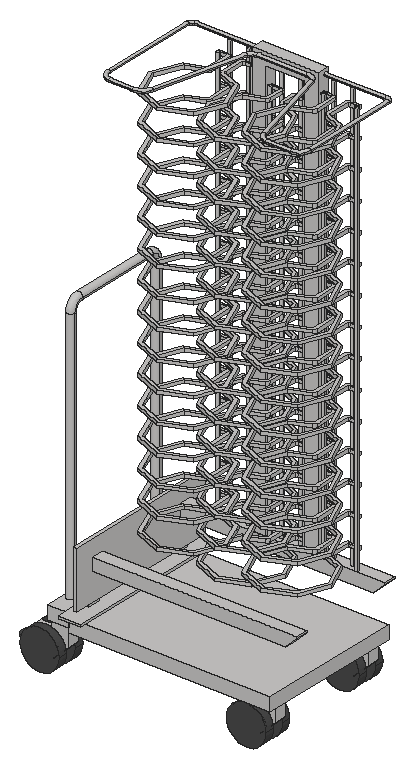
Revit family "QF_ELECTROLUXPROFESSIONAL_922763_TRBA45PL2011C", category Attrezzature speciali, Revit 2020
Family settings
  Quota connettore circolare = Usa diametro
  Tipo di parte = Normale
  Basato su piano di lavoro = No
  Sempre verticale = Sì
  Taglio con vuoti quando caricato = No
  Condiviso = No
  Punto di calcolo locali = No
Parameters (values of type "Standard")
  Weight = 0.00 kg
  Watts = 0 W
  Volts = 0 V
  URL Manufacturer = ""
  URL = ""
  Steam Supply Size = 0 mm
  Steam Supply Minimum Pressure = 0.0 Pa
  Steam Supply Maximum Pressure = 0.0 Pa
  Steam Consumption per Hour = 0
  Show Clearance [instance] = yes
  Refrigeration Suction Line Size = 0 mm
  Refrigeration Liquid Line Size = 0 mm
  Refrigerant Compressor Remote = yes
  Prospetto di default = 0 mm
  Manufacturer = ""
  Phase = 0
  Model = ""
  Length Actual = 507 mm  # constant formula
  Item Number = ""
  Hot Water Size = 0 mm
  Height Actual = 1714 mm  # constant formula
  HP = ""
  Gas Size = 0 mm
  Gas KW = 0
  Gas Input Pressure = 0 W
  Direct Waste Size = 0 mm
  Description = ""
  Depth Actual = 849 mm  # constant formula
  Cycle = 0 Hz
  Condensate Return Size = 0 mm
  Compressed Air Volume = 0.0 L/s
  Compressed Air Size = 0 mm
  Compressed Air Pressure = 0.0 Pa
  Cold Water Size = 0 mm
  Accessory = yes
Reference planes
  plane 1 "Back": y = 0
  plane 2: z = 0
  plane 3 "FRONT": y = -544
  plane 4 "LEFT": x = -126
  plane 5 "RIGHT": x = 743
  plane 6: x = 308.5
  plane 7 "Centro Avanti/Indietro": y = -272
  plane 8: z = 1039
  plane 9: z = 130
  plane 10: z = 303
  plane 11: z = 62.5
  plane 12: y = -38.5
  plane 13: y = -505.5
  plane 14: y = -98.5
  plane 15: y = -445.5
  plane 16: y = -64
  plane 17: y = -480
  plane 18: y = -455.5
  plane 19: y = -88.5
  plane 20: z = 1714
Forms (mm)
  Extrusion 1, solid, material "QF_Finishes_Stainless Steel"
    sketch origin (29.224, 168.988, 0) x (-1, 0, 0) y (0, 0, 1)
      loop
        line (111.112, 108.639) -> (50.962, 108.639) -> (50.962, 145.401) -> (-2.479, 145.401) -> (-2.479, 84.018) -> (42.521, 39.018) -> (111.112, 39.018) -> (111.112, 108.639)
    from -668.238 to -629.997
  Extrusion 2, solid, material "QF_Finishes_Black"
    sketch origin (-0.776, 166.488, 1.25) x (-1, 0, 0) y (0, 0, 1)
      loop
        circle (37.949, 63.776) r 62.5
    from -627.497 to -600.488
  Extrusion 3, solid, material "QF_Finishes_Stainless Steel"
    sketch origin (0, 0, 0) x (1, 0, 0) y (0, 1, 0)
      loop
        line (36.598, -38.5) -> (36.598, -505.5) -> (673.106, -505.5) -> (673.106, -38.5) -> (36.598, -38.5)
    from 130 to 172.815
  Extrusion 4, solid, material "QF_Finishes_Stainless Steel"
    sketch origin (0, 250, 0) x (-1, 0, 0) y (0, 0, 1)
      loop
        line (27.318, 188.74) -> (-36.598, 188.74) -> (-36.598, 145.401) -> (27.318, 145.401) -> (27.318, 188.74)
    from -755.5 to -288.5
  Extrusion 5, solid, material "QF_Finishes_Stainless Steel"
    sketch origin (0, 0, 0) x (1, 0, 0) y (0, 1, 0)
      loop
        line (36.598, 0) -> (36.598, -544) -> (107.934, -544) -> (107.934, 0) -> (36.598, 0)
    from 188.74 to 196.958
  Extrusion 6, solid, material "QF_Finishes_Stainless Steel"
    sketch origin (0, 0, 0) x (0, 1, 0) y (0, 0, 1)
      loop
        line (-18.5, 393.148) -> (-525.5, 393.148) -> (-525.5, 213.148) -> (-18.5, 213.148) -> (-18.5, 393.148)
    from 68.292 to 79
  Extrusion 7, solid, material "QF_Finishes_Stainless Steel"
    sketch origin (0, 250.569, 0) x (-1, 0, 0) y (0, 0, 1)
      loop
        line (-79, 343.896) -> (-725.703, 343.896) -> (-725.703, 338.896) -> (-689.807, 303) -> (-79, 303) -> (-79, 343.896)
    from -368.139 to -330
  Extrusion 8, solid, material "QF_Finishes_Stainless Steel"
    sketch origin (0, -794.569, 0) x (-1, 0, 0) y (0, 0, -1)
      loop
        line (-79, -343.896) -> (-79, -303) -> (-689.807, -303) -> (-725.703, -338.896) -> (-725.703, -343.896) -> (-79, -343.896)
    from -368.139 to -330
  Extrusion 9, solid, material "QF_Finishes_Stainless Steel"
    sketch origin (0, 0.569, 0) x (1, 0, 0) y (0, 1, 0)
      loop
        line (36.598, -79.985) -> (36.598, -118.139) -> (68.292, -118.139) -> (68.292, -79.985) -> (36.598, -79.985)
    from 172.815 to 343.896
  Extrusion 10, solid, material "QF_Finishes_Stainless Steel"
    sketch origin (0, -544.569, 0) x (1, 0, 0) y (0, 1, 0)
      loop
        line (36.598, 79.985) -> (68.292, 79.985) -> (68.292, 118.139) -> (36.598, 118.139) -> (36.598, 79.985)
    from 172.815 to 343.896
  Sweep 11, solid, material "QF_Finishes_Stainless Steel"
    path origin (-7.5, 0, 0) x (0, 1, 0) y (0, 0, 1)
      loop
        line (-103.5, 188.74) -> (-103.5, 996.5)
        arc (-103.5, 996.5) -> (-112.287, 1017.713) -> (-133.5, 1026.5) r 30
        line (-133.5, 1026.5) -> (-410.5, 1026.5)
        arc (-410.5, 1026.5) -> (-431.713, 1017.713) -> (-440.5, 996.5) r 30
        line (-440.5, 996.5) -> (-440.5, 188.74)
    profile origin (-7.5, -440.5, 592.62) x (1, 0, 0) y (0, 1, 0)
      loop
        circle (0, 0) r 12.5
  Extrusion 12, solid, material "QF_Finishes_Black"
    sketch origin (-0.776, -1129.75, 1.25) x (-1, 0, 0) y (0, 0, -1)
      loop
        circle (37.949, -63.776) r 62.5
    from -630.5 to -605.432
  Extrusion 13, solid, material "QF_Finishes_Black"
    sketch origin (-1286.156, -754.376, -35) x (1, 0, 0) y (0, 1, 0)
      loop
        line (1211.509, 293.368) -> (1184.931, 293.368) -> (1184.931, 305.126)
        arc (1184.931, 305.126) -> (1160.117, 272.745) -> (1184.931, 240.364) r 33.534
        line (1184.931, 240.364) -> (1184.931, 255.126) -> (1211.509, 255.126) -> (1211.509, 293.368)
    from 101.353 to 108.639
  Extrusion 14, solid, material "QF_Finishes_Stainless Steel"
    sketch origin (29.224, -712.988, 0) x (-1, 0, 0) y (0, 0, -1)
      loop
        line (111.112, -108.639) -> (111.112, -39.018) -> (42.521, -39.018) -> (-2.479, -84.018) -> (-2.479, -145.401) -> (50.962, -145.401) -> (50.962, -108.639) -> (111.112, -108.639)
    from -668.238 to -629.997
  Extrusion 15, solid, material "QF_Finishes_Black"
    sketch origin (-0.776, -710.488, 1.25) x (-1, 0, 0) y (0, 0, -1)
      loop
        circle (37.949, -63.776) r 62.5
    from -627.497 to -600.488
  Extrusion 16, solid, material "QF_Finishes_Black"
    sketch origin (-0.776, 585.75, 1.25) x (-1, 0, 0) y (0, 0, 1)
      loop
        circle (37.949, 63.776) r 62.5
    from -630.5 to -605.432
  Extrusion 17, solid, material "QF_Finishes_Black"
    sketch origin (-1286.156, 210.376, -35) x (1, 0, 0) y (0, 1, 0)
      loop
        line (1211.509, -293.368) -> (1211.509, -255.126) -> (1184.931, -255.126) -> (1184.931, -240.364)
        arc (1184.931, -240.364) -> (1160.117, -272.745) -> (1184.931, -305.126) r 33.534
        line (1184.931, -305.126) -> (1184.931, -293.368) -> (1211.509, -293.368)
    from 101.353 to 108.639
  Extrusion 18, solid, material "QF_Finishes_Stainless Steel"
    sketch origin (667.246, 560.617, 0) x (-1, 0, 0) y (0, 0, 1)
      loop
        line (115.112, 108.639) -> (54.962, 108.639) -> (54.962, 145.401) -> (1.521, 145.401) -> (1.521, 84.018) -> (46.521, 39.018) -> (115.112, 39.018) -> (115.112, 108.639)
    from -668.238 to -629.997
  Extrusion 19, solid, material "QF_Finishes_Black"
    sketch origin (637.246, 558.117, 1.25) x (-1, 0, 0) y (0, 0, 1)
      loop
        circle (41.949, 63.776) r 62.5
    from -627.497 to -600.488
  Extrusion 20, solid, material "QF_Finishes_Black"
    sketch origin (637.246, -738.121, 1.25) x (-1, 0, 0) y (0, 0, -1)
      loop
        circle (41.949, -63.776) r 62.5
    from -630.5 to -605.432
  Extrusion 21, solid, material "QF_Finishes_Stainless Steel"
    sketch origin (667.246, -1104.617, 0) x (-1, 0, 0) y (0, 0, -1)
      loop
        line (115.112, -108.639) -> (115.112, -39.018) -> (46.521, -39.018) -> (1.521, -84.018) -> (1.521, -145.401) -> (54.962, -145.401) -> (54.962, -108.639) -> (115.112, -108.639)
    from -668.238 to -629.997
  Extrusion 22, solid, material "QF_Finishes_Black"
    sketch origin (637.246, -1102.117, 1.25) x (-1, 0, 0) y (0, 0, -1)
      loop
        circle (41.949, -63.776) r 62.5
    from -627.497 to -600.488
  Extrusion 23, solid, material "QF_Finishes_Black"
    sketch origin (637.246, 194.121, 1.25) x (-1, 0, 0) y (0, 0, 1)
      loop
        circle (41.949, 63.776) r 62.5
    from -630.5 to -605.432
  Extrusion 24, solid, material "QF_Finishes_Stainless Steel"
    sketch origin (0, 250, 0) x (-1, 0, 0) y (0, 0, 1)
      loop
        line (-308.5, 1714) -> (-515.61, 1714) -> (-515.61, 343.896) -> (-473.159, 343.896) -> (-473.159, 1673.896) -> (-348.159, 1673.896) -> (-348.159, 343.896) -> (-308.5, 343.896) -> (-308.5, 1714)
    from -367.569 to -329.431
  Extrusion 25, solid, material "QF_Finishes_Stainless Steel"
    sketch origin (0, 0, 0) x (1, 0, 0) y (0, 1, 0)
      loop
        circle (192.338, -110.578) r 5
    from 343.896 to 1655
  Extrusion 26, solid, material "QF_Finishes_Stainless Steel"
    sketch origin (110, 0, 0) x (1, 0, 0) y (0, 1, 0)
      loop
        circle (192.338, -110.578) r 5
    from 343.896 to 1655
  Extrusion 27, solid, material "QF_Finishes_Stainless Steel"
    sketch origin (335, 0, 0) x (1, 0, 0) y (0, 1, 0)
      loop
        circle (190.338, -110.578) r 5
    from 343.896 to 1655
  Extrusion 28, solid, material "QF_Finishes_Stainless Steel"
    sketch origin (440, 0, 0) x (1, 0, 0) y (0, 1, 0)
      loop
        circle (190.338, -110.578) r 5
    from 343.896 to 1655
  Extrusion 29, solid, material "QF_Finishes_Stainless Steel"
    sketch origin (415, 15, 0) x (1, 0, 0) y (0, 1, 0)
      loop
        circle (190.338, -110.578) r 5
    from 343.896 to 1694
  Extrusion 30, solid, material "QF_Finishes_Stainless Steel"
    sketch origin (355, 15, 0) x (1, 0, 0) y (0, 1, 0)
      loop
        circle (190.338, -110.578) r 5
    from 343.896 to 1694
  Extrusion 31, solid, material "QF_Finishes_Stainless Steel"
    sketch origin (275, 0, 0) x (1, 0, 0) y (0, 1, 0)
      loop
        circle (192.338, -110.578) r 5
    from 343.896 to 1617.621
  Extrusion 32, solid, material "QF_Finishes_Stainless Steel"
    sketch origin (165, 0, 0) x (1, 0, 0) y (0, 1, 0)
      loop
        circle (192.338, -110.578) r 5
    from 343.896 to 1617.621
  Extrusion 33, solid, material "QF_Finishes_Stainless Steel"
    sketch origin (85, 15, 0) x (1, 0, 0) y (0, 1, 0)
      loop
        circle (192.338, -110.578) r 5
    from 343.896 to 1694
  Extrusion 34, solid, material "QF_Finishes_Stainless Steel"
    sketch origin (25, 15, 0) x (1, 0, 0) y (0, 1, 0)
      loop
        circle (192.338, -110.578) r 5
    from 343.896 to 1694
  Extrusion 35, solid, material "QF_Finishes_Stainless Steel"
    sketch origin (190, 15, 0) x (1, 0, 0) y (0, 1, 0)
      loop
        circle (192.338, -110.578) r 5
    from 343.896 to 1673.896
  Extrusion 36, solid, material "QF_Finishes_Stainless Steel"
    sketch origin (250, 15, 0) x (1, 0, 0) y (0, 1, 0)
      loop
        circle (192.338, -110.578) r 5
    from 343.896 to 1673.896
  Sweep 37, solid, material "QF_Finishes_Stainless Steel"
    path origin (0, 0, 1700) x (1, 0, 0) y (0, 1, 0)
      loop
        line (308.5, -93.5) -> (108.5, -93.5)
        arc (108.5, -93.5) -> (97.893, -97.893) -> (93.5, -108.5) r 15
        line (93.5, -108.5) -> (93.5, -418.5)
        arc (93.5, -418.5) -> (102.287, -439.713) -> (123.5, -448.5) r 30
        line (123.5, -448.5) -> (199.092, -448.5)
        arc (199.092, -448.5) -> (220.491, -441.197) -> (232.959, -422.335) r 35
        line (232.959, -422.335) -> (305.989, -142.383)
        arc (305.989, -142.383) -> (314.895, -128.91) -> (330.18, -123.694) r 25
        line (330.18, -123.694) -> (487.416, -123.694)
        arc (487.416, -123.694) -> (505.679, -129.893) -> (516.394, -145.929) r 30
        line (516.394, -145.929) -> (589.509, -426.265)
        arc (589.509, -426.265) -> (600.224, -442.301) -> (618.487, -448.5) r 30
        line (618.487, -448.5) -> (696.859, -448.5)
        arc (696.859, -448.5) -> (718.073, -439.713) -> (726.859, -418.5) r 30
        line (726.859, -418.5) -> (726.859, -108.5)
        arc (726.859, -108.5) -> (722.466, -97.893) -> (711.859, -93.5) r 15
        line (711.859, -93.5) -> (515.61, -93.5)
    profile origin (208.5, -93.5, 1700) x (0, -1, 0) y (0, 0, 1)
      loop
        circle (0, 0) r 5
  Extrusion 38, solid, material "QF_Finishes_Stainless Steel"
    sketch origin (0, 0, 1560) x (1, 0, 0) y (0, 1, 0)
      loop
        line (500.746, -360.782) -> (537.97, -273.086) -> (502.282, -184.754) -> (439.334, -158.034)
        arc (439.334, -158.034) -> (437.118, -156.192) -> (436.288, -153.432) r 5
        line (436.288, -153.432) -> (436.288, -111.5)
        arc (436.288, -111.5) -> (437.752, -107.964) -> (441.288, -106.5) r 5
        line (441.288, -106.5) -> (469.075, -106.5) -> (469.075, -99.5) -> (436.288, -99.5)
        arc (436.288, -99.5) -> (429.216, -102.429) -> (426.288, -109.5) r 10
        line (426.288, -109.5) -> (426.288, -156.741)
        arc (426.288, -156.741) -> (427.949, -162.261) -> (432.38, -165.946) r 10
        line (432.38, -165.946) -> (494.562, -192.341) -> (527.147, -272.992) -> (493.159, -353.062) -> (412.508, -385.647) -> (332.438, -351.659) -> (299.853, -271.008) -> (333.841, -190.938) -> (390.034, -168.235)
        arc (390.034, -168.235) -> (394.578, -164.555) -> (396.288, -158.963) r 10
        line (396.288, -158.963) -> (396.288, -109.5)
        arc (396.288, -109.5) -> (393.359, -102.429) -> (386.288, -99.5) r 10
        line (386.288, -99.5) -> (353.5, -99.5) -> (353.5, -106.5) -> (381.288, -106.5)
        arc (381.288, -106.5) -> (384.823, -107.964) -> (386.288, -111.5) r 5
        line (386.288, -111.5) -> (386.288, -155.591)
        arc (386.288, -155.591) -> (385.433, -158.386) -> (383.161, -160.226) r 5
        line (383.161, -160.226) -> (326.254, -183.218) -> (289.03, -270.914) -> (324.718, -359.246) -> (412.414, -396.47) -> (500.746, -360.782)
    from 47.621 to 57.621
  Extrusion 39, solid, material "QF_Finishes_Stainless Steel"
    sketch origin (-166.471, -23.659, 1600.272) x (1, 0, 0) y (0, 1, 0)
      loop
        line (500.746, -360.782) -> (537.97, -273.086) -> (502.282, -184.754) -> (439.334, -158.034)
        arc (439.334, -158.034) -> (437.118, -156.192) -> (436.288, -153.432) r 5
        line (436.288, -153.432) -> (436.288, -87.841)
        arc (436.288, -87.841) -> (437.752, -84.305) -> (441.288, -82.841) r 5
        line (441.288, -82.841) -> (469.075, -82.841) -> (469.075, -75.841) -> (436.288, -75.841)
        arc (436.288, -75.841) -> (429.216, -78.77) -> (426.288, -85.841) r 10
        line (426.288, -85.841) -> (426.288, -156.741)
        arc (426.288, -156.741) -> (427.949, -162.261) -> (432.38, -165.946) r 10
        line (432.38, -165.946) -> (494.562, -192.341) -> (527.147, -272.992) -> (493.159, -353.062) -> (412.508, -385.647) -> (332.438, -351.659) -> (299.853, -271.008) -> (333.841, -190.938) -> (390.034, -168.235)
        arc (390.034, -168.235) -> (394.578, -164.555) -> (396.288, -158.963) r 10
        line (396.288, -158.963) -> (396.288, -85.841)
        arc (396.288, -85.841) -> (393.359, -78.77) -> (386.288, -75.841) r 10
        line (386.288, -75.841) -> (353.5, -75.841) -> (353.5, -82.841) -> (381.288, -82.841)
        arc (381.288, -82.841) -> (384.823, -84.305) -> (386.288, -87.841) r 5
        line (386.288, -87.841) -> (386.288, -155.591)
        arc (386.288, -155.591) -> (385.433, -158.386) -> (383.161, -160.226) r 5
        line (383.161, -160.226) -> (326.254, -183.218) -> (289.03, -270.914) -> (324.718, -359.246) -> (412.414, -396.47) -> (500.746, -360.782)
    from 44.728 to 54.728
  Extrusion 40, solid, material "QF_Finishes_Stainless Steel"
    sketch origin (994.581, -23.659, 1620) x (-1, 0, 0) y (0, -1, 0)
      loop
        line (506.746, 360.782) -> (418.414, 396.47) -> (330.718, 359.246) -> (295.03, 270.914) -> (332.254, 183.218) -> (389.161, 160.226)
        arc (389.161, 160.226) -> (391.433, 158.386) -> (392.288, 155.591) r 5
        line (392.288, 155.591) -> (392.288, 87.841)
        arc (392.288, 87.841) -> (390.823, 84.305) -> (387.288, 82.841) r 5
        line (387.288, 82.841) -> (359.5, 82.841) -> (359.5, 75.841) -> (392.288, 75.841)
        arc (392.288, 75.841) -> (399.359, 78.77) -> (402.288, 85.841) r 10
        line (402.288, 85.841) -> (402.288, 158.963)
        arc (402.288, 158.963) -> (400.578, 164.555) -> (396.034, 168.235) r 10
        line (396.034, 168.235) -> (339.841, 190.938) -> (305.853, 271.008) -> (338.438, 351.659) -> (418.508, 385.647) -> (499.159, 353.062) -> (533.147, 272.992) -> (500.562, 192.341) -> (438.38, 165.946)
        arc (438.38, 165.946) -> (433.949, 162.261) -> (432.288, 156.741) r 10
        line (432.288, 156.741) -> (432.288, 85.841)
        arc (432.288, 85.841) -> (435.216, 78.77) -> (442.288, 75.841) r 10
        line (442.288, 75.841) -> (475.075, 75.841) -> (475.075, 82.841) -> (447.288, 82.841)
        arc (447.288, 82.841) -> (443.752, 84.305) -> (442.288, 87.841) r 5
        line (442.288, 87.841) -> (442.288, 153.432)
        arc (442.288, 153.432) -> (443.118, 156.192) -> (445.334, 158.034) r 5
        line (445.334, 158.034) -> (508.282, 184.754) -> (543.97, 273.086) -> (506.746, 360.782)
    from 25 to 35
  Extrusion 41, solid, material "QF_Finishes_Stainless Steel"
    sketch origin (0, 0, 1471) x (1, 0, 0) y (0, 1, 0)
      loop
        line (500.746, -360.782) -> (537.97, -273.086) -> (502.282, -184.754) -> (439.334, -158.034)
        arc (439.334, -158.034) -> (437.118, -156.192) -> (436.288, -153.432) r 5
        line (436.288, -153.432) -> (436.288, -111.5)
        arc (436.288, -111.5) -> (437.752, -107.964) -> (441.288, -106.5) r 5
        line (441.288, -106.5) -> (469.075, -106.5) -> (469.075, -99.5) -> (436.288, -99.5)
        arc (436.288, -99.5) -> (429.216, -102.429) -> (426.288, -109.5) r 10
        line (426.288, -109.5) -> (426.288, -156.741)
        arc (426.288, -156.741) -> (427.949, -162.261) -> (432.38, -165.946) r 10
        line (432.38, -165.946) -> (494.562, -192.341) -> (527.147, -272.992) -> (493.159, -353.062) -> (412.508, -385.647) -> (332.438, -351.659) -> (299.853, -271.008) -> (333.841, -190.938) -> (390.034, -168.235)
        arc (390.034, -168.235) -> (394.578, -164.555) -> (396.288, -158.963) r 10
        line (396.288, -158.963) -> (396.288, -109.5)
        arc (396.288, -109.5) -> (393.359, -102.429) -> (386.288, -99.5) r 10
        line (386.288, -99.5) -> (353.5, -99.5) -> (353.5, -106.5) -> (381.288, -106.5)
        arc (381.288, -106.5) -> (384.823, -107.964) -> (386.288, -111.5) r 5
        line (386.288, -111.5) -> (386.288, -155.591)
        arc (386.288, -155.591) -> (385.433, -158.386) -> (383.161, -160.226) r 5
        line (383.161, -160.226) -> (326.254, -183.218) -> (289.03, -270.914) -> (324.718, -359.246) -> (412.414, -396.47) -> (500.746, -360.782)
    from 47.621 to 57.621
  Extrusion 42, solid, material "QF_Finishes_Stainless Steel"
    sketch origin (-166.471, -23.659, 1511.272) x (1, 0, 0) y (0, 1, 0)
      loop
        line (500.746, -360.782) -> (537.97, -273.086) -> (502.282, -184.754) -> (439.334, -158.034)
        arc (439.334, -158.034) -> (437.118, -156.192) -> (436.288, -153.432) r 5
        line (436.288, -153.432) -> (436.288, -87.841)
        arc (436.288, -87.841) -> (437.752, -84.305) -> (441.288, -82.841) r 5
        line (441.288, -82.841) -> (469.075, -82.841) -> (469.075, -75.841) -> (436.288, -75.841)
        arc (436.288, -75.841) -> (429.216, -78.77) -> (426.288, -85.841) r 10
        line (426.288, -85.841) -> (426.288, -156.741)
        arc (426.288, -156.741) -> (427.949, -162.261) -> (432.38, -165.946) r 10
        line (432.38, -165.946) -> (494.562, -192.341) -> (527.147, -272.992) -> (493.159, -353.062) -> (412.508, -385.647) -> (332.438, -351.659) -> (299.853, -271.008) -> (333.841, -190.938) -> (390.034, -168.235)
        arc (390.034, -168.235) -> (394.578, -164.555) -> (396.288, -158.963) r 10
        line (396.288, -158.963) -> (396.288, -85.841)
        arc (396.288, -85.841) -> (393.359, -78.77) -> (386.288, -75.841) r 10
        line (386.288, -75.841) -> (353.5, -75.841) -> (353.5, -82.841) -> (381.288, -82.841)
        arc (381.288, -82.841) -> (384.823, -84.305) -> (386.288, -87.841) r 5
        line (386.288, -87.841) -> (386.288, -155.591)
        arc (386.288, -155.591) -> (385.433, -158.386) -> (383.161, -160.226) r 5
        line (383.161, -160.226) -> (326.254, -183.218) -> (289.03, -270.914) -> (324.718, -359.246) -> (412.414, -396.47) -> (500.746, -360.782)
    from 44.728 to 54.728
  Extrusion 43, solid, material "QF_Finishes_Stainless Steel"
    sketch origin (994.581, -23.659, 1531) x (-1, 0, 0) y (0, -1, 0)
      loop
        line (506.746, 360.782) -> (418.414, 396.47) -> (330.718, 359.246) -> (295.03, 270.914) -> (332.254, 183.218) -> (389.161, 160.226)
        arc (389.161, 160.226) -> (391.433, 158.386) -> (392.288, 155.591) r 5
        line (392.288, 155.591) -> (392.288, 87.841)
        arc (392.288, 87.841) -> (390.823, 84.305) -> (387.288, 82.841) r 5
        line (387.288, 82.841) -> (359.5, 82.841) -> (359.5, 75.841) -> (392.288, 75.841)
        arc (392.288, 75.841) -> (399.359, 78.77) -> (402.288, 85.841) r 10
        line (402.288, 85.841) -> (402.288, 158.963)
        arc (402.288, 158.963) -> (400.578, 164.555) -> (396.034, 168.235) r 10
        line (396.034, 168.235) -> (339.841, 190.938) -> (305.853, 271.008) -> (338.438, 351.659) -> (418.508, 385.647) -> (499.159, 353.062) -> (533.147, 272.992) -> (500.562, 192.341) -> (438.38, 165.946)
        arc (438.38, 165.946) -> (433.949, 162.261) -> (432.288, 156.741) r 10
        line (432.288, 156.741) -> (432.288, 85.841)
        arc (432.288, 85.841) -> (435.216, 78.77) -> (442.288, 75.841) r 10
        line (442.288, 75.841) -> (475.075, 75.841) -> (475.075, 82.841) -> (447.288, 82.841)
        arc (447.288, 82.841) -> (443.752, 84.305) -> (442.288, 87.841) r 5
        line (442.288, 87.841) -> (442.288, 153.432)
        arc (442.288, 153.432) -> (443.118, 156.192) -> (445.334, 158.034) r 5
        line (445.334, 158.034) -> (508.282, 184.754) -> (543.97, 273.086) -> (506.746, 360.782)
    from 25 to 35
  Extrusion 44, solid, material "QF_Finishes_Stainless Steel"
    sketch origin (0, 0, 1382) x (1, 0, 0) y (0, 1, 0)
      loop
        line (500.746, -360.782) -> (537.97, -273.086) -> (502.282, -184.754) -> (439.334, -158.034)
        arc (439.334, -158.034) -> (437.118, -156.192) -> (436.288, -153.432) r 5
        line (436.288, -153.432) -> (436.288, -111.5)
        arc (436.288, -111.5) -> (437.752, -107.964) -> (441.288, -106.5) r 5
        line (441.288, -106.5) -> (469.075, -106.5) -> (469.075, -99.5) -> (436.288, -99.5)
        arc (436.288, -99.5) -> (429.216, -102.429) -> (426.288, -109.5) r 10
        line (426.288, -109.5) -> (426.288, -156.741)
        arc (426.288, -156.741) -> (427.949, -162.261) -> (432.38, -165.946) r 10
        line (432.38, -165.946) -> (494.562, -192.341) -> (527.147, -272.992) -> (493.159, -353.062) -> (412.508, -385.647) -> (332.438, -351.659) -> (299.853, -271.008) -> (333.841, -190.938) -> (390.034, -168.235)
        arc (390.034, -168.235) -> (394.578, -164.555) -> (396.288, -158.963) r 10
        line (396.288, -158.963) -> (396.288, -109.5)
        arc (396.288, -109.5) -> (393.359, -102.429) -> (386.288, -99.5) r 10
        line (386.288, -99.5) -> (353.5, -99.5) -> (353.5, -106.5) -> (381.288, -106.5)
        arc (381.288, -106.5) -> (384.823, -107.964) -> (386.288, -111.5) r 5
        line (386.288, -111.5) -> (386.288, -155.591)
        arc (386.288, -155.591) -> (385.433, -158.386) -> (383.161, -160.226) r 5
        line (383.161, -160.226) -> (326.254, -183.218) -> (289.03, -270.914) -> (324.718, -359.246) -> (412.414, -396.47) -> (500.746, -360.782)
    from 47.621 to 57.621
  Extrusion 45, solid, material "QF_Finishes_Stainless Steel"
    sketch origin (-166.471, -23.659, 1422.272) x (1, 0, 0) y (0, 1, 0)
      loop
        line (500.746, -360.782) -> (537.97, -273.086) -> (502.282, -184.754) -> (439.334, -158.034)
        arc (439.334, -158.034) -> (437.118, -156.192) -> (436.288, -153.432) r 5
        line (436.288, -153.432) -> (436.288, -87.841)
        arc (436.288, -87.841) -> (437.752, -84.305) -> (441.288, -82.841) r 5
        line (441.288, -82.841) -> (469.075, -82.841) -> (469.075, -75.841) -> (436.288, -75.841)
        arc (436.288, -75.841) -> (429.216, -78.77) -> (426.288, -85.841) r 10
        line (426.288, -85.841) -> (426.288, -156.741)
        arc (426.288, -156.741) -> (427.949, -162.261) -> (432.38, -165.946) r 10
        line (432.38, -165.946) -> (494.562, -192.341) -> (527.147, -272.992) -> (493.159, -353.062) -> (412.508, -385.647) -> (332.438, -351.659) -> (299.853, -271.008) -> (333.841, -190.938) -> (390.034, -168.235)
        arc (390.034, -168.235) -> (394.578, -164.555) -> (396.288, -158.963) r 10
        line (396.288, -158.963) -> (396.288, -85.841)
        arc (396.288, -85.841) -> (393.359, -78.77) -> (386.288, -75.841) r 10
        line (386.288, -75.841) -> (353.5, -75.841) -> (353.5, -82.841) -> (381.288, -82.841)
        arc (381.288, -82.841) -> (384.823, -84.305) -> (386.288, -87.841) r 5
        line (386.288, -87.841) -> (386.288, -155.591)
        arc (386.288, -155.591) -> (385.433, -158.386) -> (383.161, -160.226) r 5
        line (383.161, -160.226) -> (326.254, -183.218) -> (289.03, -270.914) -> (324.718, -359.246) -> (412.414, -396.47) -> (500.746, -360.782)
    from 44.728 to 54.728
  Extrusion 46, solid, material "QF_Finishes_Stainless Steel"
    sketch origin (994.581, -23.659, 1442) x (-1, 0, 0) y (0, -1, 0)
      loop
        line (506.746, 360.782) -> (418.414, 396.47) -> (330.718, 359.246) -> (295.03, 270.914) -> (332.254, 183.218) -> (389.161, 160.226)
        arc (389.161, 160.226) -> (391.433, 158.386) -> (392.288, 155.591) r 5
        line (392.288, 155.591) -> (392.288, 87.841)
        arc (392.288, 87.841) -> (390.823, 84.305) -> (387.288, 82.841) r 5
        line (387.288, 82.841) -> (359.5, 82.841) -> (359.5, 75.841) -> (392.288, 75.841)
        arc (392.288, 75.841) -> (399.359, 78.77) -> (402.288, 85.841) r 10
        line (402.288, 85.841) -> (402.288, 158.963)
        arc (402.288, 158.963) -> (400.578, 164.555) -> (396.034, 168.235) r 10
        line (396.034, 168.235) -> (339.841, 190.938) -> (305.853, 271.008) -> (338.438, 351.659) -> (418.508, 385.647) -> (499.159, 353.062) -> (533.147, 272.992) -> (500.562, 192.341) -> (438.38, 165.946)
        arc (438.38, 165.946) -> (433.949, 162.261) -> (432.288, 156.741) r 10
        line (432.288, 156.741) -> (432.288, 85.841)
        arc (432.288, 85.841) -> (435.216, 78.77) -> (442.288, 75.841) r 10
        line (442.288, 75.841) -> (475.075, 75.841) -> (475.075, 82.841) -> (447.288, 82.841)
        arc (447.288, 82.841) -> (443.752, 84.305) -> (442.288, 87.841) r 5
        line (442.288, 87.841) -> (442.288, 153.432)
        arc (442.288, 153.432) -> (443.118, 156.192) -> (445.334, 158.034) r 5
        line (445.334, 158.034) -> (508.282, 184.754) -> (543.97, 273.086) -> (506.746, 360.782)
    from 25 to 35
  Extrusion 47, solid, material "QF_Finishes_Stainless Steel"
    sketch origin (0, 0, 1293) x (1, 0, 0) y (0, 1, 0)
      loop
        line (500.746, -360.782) -> (537.97, -273.086) -> (502.282, -184.754) -> (439.334, -158.034)
        arc (439.334, -158.034) -> (437.118, -156.192) -> (436.288, -153.432) r 5
        line (436.288, -153.432) -> (436.288, -111.5)
        arc (436.288, -111.5) -> (437.752, -107.964) -> (441.288, -106.5) r 5
        line (441.288, -106.5) -> (469.075, -106.5) -> (469.075, -99.5) -> (436.288, -99.5)
        arc (436.288, -99.5) -> (429.216, -102.429) -> (426.288, -109.5) r 10
        line (426.288, -109.5) -> (426.288, -156.741)
        arc (426.288, -156.741) -> (427.949, -162.261) -> (432.38, -165.946) r 10
        line (432.38, -165.946) -> (494.562, -192.341) -> (527.147, -272.992) -> (493.159, -353.062) -> (412.508, -385.647) -> (332.438, -351.659) -> (299.853, -271.008) -> (333.841, -190.938) -> (390.034, -168.235)
        arc (390.034, -168.235) -> (394.578, -164.555) -> (396.288, -158.963) r 10
        line (396.288, -158.963) -> (396.288, -109.5)
        arc (396.288, -109.5) -> (393.359, -102.429) -> (386.288, -99.5) r 10
        line (386.288, -99.5) -> (353.5, -99.5) -> (353.5, -106.5) -> (381.288, -106.5)
        arc (381.288, -106.5) -> (384.823, -107.964) -> (386.288, -111.5) r 5
        line (386.288, -111.5) -> (386.288, -155.591)
        arc (386.288, -155.591) -> (385.433, -158.386) -> (383.161, -160.226) r 5
        line (383.161, -160.226) -> (326.254, -183.218) -> (289.03, -270.914) -> (324.718, -359.246) -> (412.414, -396.47) -> (500.746, -360.782)
    from 47.621 to 57.621
  Extrusion 48, solid, material "QF_Finishes_Stainless Steel"
    sketch origin (-166.471, -23.659, 1333.272) x (1, 0, 0) y (0, 1, 0)
      loop
        line (500.746, -360.782) -> (537.97, -273.086) -> (502.282, -184.754) -> (439.334, -158.034)
        arc (439.334, -158.034) -> (437.118, -156.192) -> (436.288, -153.432) r 5
        line (436.288, -153.432) -> (436.288, -87.841)
        arc (436.288, -87.841) -> (437.752, -84.305) -> (441.288, -82.841) r 5
        line (441.288, -82.841) -> (469.075, -82.841) -> (469.075, -75.841) -> (436.288, -75.841)
        arc (436.288, -75.841) -> (429.216, -78.77) -> (426.288, -85.841) r 10
        line (426.288, -85.841) -> (426.288, -156.741)
        arc (426.288, -156.741) -> (427.949, -162.261) -> (432.38, -165.946) r 10
        line (432.38, -165.946) -> (494.562, -192.341) -> (527.147, -272.992) -> (493.159, -353.062) -> (412.508, -385.647) -> (332.438, -351.659) -> (299.853, -271.008) -> (333.841, -190.938) -> (390.034, -168.235)
        arc (390.034, -168.235) -> (394.578, -164.555) -> (396.288, -158.963) r 10
        line (396.288, -158.963) -> (396.288, -85.841)
        arc (396.288, -85.841) -> (393.359, -78.77) -> (386.288, -75.841) r 10
        line (386.288, -75.841) -> (353.5, -75.841) -> (353.5, -82.841) -> (381.288, -82.841)
        arc (381.288, -82.841) -> (384.823, -84.305) -> (386.288, -87.841) r 5
        line (386.288, -87.841) -> (386.288, -155.591)
        arc (386.288, -155.591) -> (385.433, -158.386) -> (383.161, -160.226) r 5
        line (383.161, -160.226) -> (326.254, -183.218) -> (289.03, -270.914) -> (324.718, -359.246) -> (412.414, -396.47) -> (500.746, -360.782)
    from 44.728 to 54.728
  Extrusion 49, solid, material "QF_Finishes_Stainless Steel"
    sketch origin (994.581, -23.659, 1353) x (-1, 0, 0) y (0, -1, 0)
      loop
        line (506.746, 360.782) -> (418.414, 396.47) -> (330.718, 359.246) -> (295.03, 270.914) -> (332.254, 183.218) -> (389.161, 160.226)
        arc (389.161, 160.226) -> (391.433, 158.386) -> (392.288, 155.591) r 5
        line (392.288, 155.591) -> (392.288, 87.841)
        arc (392.288, 87.841) -> (390.823, 84.305) -> (387.288, 82.841) r 5
        line (387.288, 82.841) -> (359.5, 82.841) -> (359.5, 75.841) -> (392.288, 75.841)
        arc (392.288, 75.841) -> (399.359, 78.77) -> (402.288, 85.841) r 10
        line (402.288, 85.841) -> (402.288, 158.963)
        arc (402.288, 158.963) -> (400.578, 164.555) -> (396.034, 168.235) r 10
        line (396.034, 168.235) -> (339.841, 190.938) -> (305.853, 271.008) -> (338.438, 351.659) -> (418.508, 385.647) -> (499.159, 353.062) -> (533.147, 272.992) -> (500.562, 192.341) -> (438.38, 165.946)
        arc (438.38, 165.946) -> (433.949, 162.261) -> (432.288, 156.741) r 10
        line (432.288, 156.741) -> (432.288, 85.841)
        arc (432.288, 85.841) -> (435.216, 78.77) -> (442.288, 75.841) r 10
        line (442.288, 75.841) -> (475.075, 75.841) -> (475.075, 82.841) -> (447.288, 82.841)
        arc (447.288, 82.841) -> (443.752, 84.305) -> (442.288, 87.841) r 5
        line (442.288, 87.841) -> (442.288, 153.432)
        arc (442.288, 153.432) -> (443.118, 156.192) -> (445.334, 158.034) r 5
        line (445.334, 158.034) -> (508.282, 184.754) -> (543.97, 273.086) -> (506.746, 360.782)
    from 25 to 35
  Extrusion 50, solid, material "QF_Finishes_Stainless Steel"
    sketch origin (0, 0, 1204) x (1, 0, 0) y (0, 1, 0)
      loop
        line (500.746, -360.782) -> (537.97, -273.086) -> (502.282, -184.754) -> (439.334, -158.034)
        arc (439.334, -158.034) -> (437.118, -156.192) -> (436.288, -153.432) r 5
        line (436.288, -153.432) -> (436.288, -111.5)
        arc (436.288, -111.5) -> (437.752, -107.964) -> (441.288, -106.5) r 5
        line (441.288, -106.5) -> (469.075, -106.5) -> (469.075, -99.5) -> (436.288, -99.5)
        arc (436.288, -99.5) -> (429.216, -102.429) -> (426.288, -109.5) r 10
        line (426.288, -109.5) -> (426.288, -156.741)
        arc (426.288, -156.741) -> (427.949, -162.261) -> (432.38, -165.946) r 10
        line (432.38, -165.946) -> (494.562, -192.341) -> (527.147, -272.992) -> (493.159, -353.062) -> (412.508, -385.647) -> (332.438, -351.659) -> (299.853, -271.008) -> (333.841, -190.938) -> (390.034, -168.235)
        arc (390.034, -168.235) -> (394.578, -164.555) -> (396.288, -158.963) r 10
        line (396.288, -158.963) -> (396.288, -109.5)
        arc (396.288, -109.5) -> (393.359, -102.429) -> (386.288, -99.5) r 10
        line (386.288, -99.5) -> (353.5, -99.5) -> (353.5, -106.5) -> (381.288, -106.5)
        arc (381.288, -106.5) -> (384.823, -107.964) -> (386.288, -111.5) r 5
        line (386.288, -111.5) -> (386.288, -155.591)
        arc (386.288, -155.591) -> (385.433, -158.386) -> (383.161, -160.226) r 5
        line (383.161, -160.226) -> (326.254, -183.218) -> (289.03, -270.914) -> (324.718, -359.246) -> (412.414, -396.47) -> (500.746, -360.782)
    from 47.621 to 57.621
  Extrusion 51, solid, material "QF_Finishes_Stainless Steel"
    sketch origin (-166.471, -23.659, 1244.272) x (1, 0, 0) y (0, 1, 0)
      loop
        line (500.746, -360.782) -> (537.97, -273.086) -> (502.282, -184.754) -> (439.334, -158.034)
        arc (439.334, -158.034) -> (437.118, -156.192) -> (436.288, -153.432) r 5
        line (436.288, -153.432) -> (436.288, -87.841)
        arc (436.288, -87.841) -> (437.752, -84.305) -> (441.288, -82.841) r 5
        line (441.288, -82.841) -> (469.075, -82.841) -> (469.075, -75.841) -> (436.288, -75.841)
        arc (436.288, -75.841) -> (429.216, -78.77) -> (426.288, -85.841) r 10
        line (426.288, -85.841) -> (426.288, -156.741)
        arc (426.288, -156.741) -> (427.949, -162.261) -> (432.38, -165.946) r 10
        line (432.38, -165.946) -> (494.562, -192.341) -> (527.147, -272.992) -> (493.159, -353.062) -> (412.508, -385.647) -> (332.438, -351.659) -> (299.853, -271.008) -> (333.841, -190.938) -> (390.034, -168.235)
        arc (390.034, -168.235) -> (394.578, -164.555) -> (396.288, -158.963) r 10
        line (396.288, -158.963) -> (396.288, -85.841)
        arc (396.288, -85.841) -> (393.359, -78.77) -> (386.288, -75.841) r 10
        line (386.288, -75.841) -> (353.5, -75.841) -> (353.5, -82.841) -> (381.288, -82.841)
        arc (381.288, -82.841) -> (384.823, -84.305) -> (386.288, -87.841) r 5
        line (386.288, -87.841) -> (386.288, -155.591)
        arc (386.288, -155.591) -> (385.433, -158.386) -> (383.161, -160.226) r 5
        line (383.161, -160.226) -> (326.254, -183.218) -> (289.03, -270.914) -> (324.718, -359.246) -> (412.414, -396.47) -> (500.746, -360.782)
    from 44.728 to 54.728
  Extrusion 52, solid, material "QF_Finishes_Stainless Steel"
    sketch origin (994.581, -23.659, 1264) x (-1, 0, 0) y (0, -1, 0)
      loop
        line (506.746, 360.782) -> (418.414, 396.47) -> (330.718, 359.246) -> (295.03, 270.914) -> (332.254, 183.218) -> (389.161, 160.226)
        arc (389.161, 160.226) -> (391.433, 158.386) -> (392.288, 155.591) r 5
        line (392.288, 155.591) -> (392.288, 87.841)
        arc (392.288, 87.841) -> (390.823, 84.305) -> (387.288, 82.841) r 5
        line (387.288, 82.841) -> (359.5, 82.841) -> (359.5, 75.841) -> (392.288, 75.841)
        arc (392.288, 75.841) -> (399.359, 78.77) -> (402.288, 85.841) r 10
        line (402.288, 85.841) -> (402.288, 158.963)
        arc (402.288, 158.963) -> (400.578, 164.555) -> (396.034, 168.235) r 10
        line (396.034, 168.235) -> (339.841, 190.938) -> (305.853, 271.008) -> (338.438, 351.659) -> (418.508, 385.647) -> (499.159, 353.062) -> (533.147, 272.992) -> (500.562, 192.341) -> (438.38, 165.946)
        arc (438.38, 165.946) -> (433.949, 162.261) -> (432.288, 156.741) r 10
        line (432.288, 156.741) -> (432.288, 85.841)
        arc (432.288, 85.841) -> (435.216, 78.77) -> (442.288, 75.841) r 10
        line (442.288, 75.841) -> (475.075, 75.841) -> (475.075, 82.841) -> (447.288, 82.841)
        arc (447.288, 82.841) -> (443.752, 84.305) -> (442.288, 87.841) r 5
        line (442.288, 87.841) -> (442.288, 153.432)
        arc (442.288, 153.432) -> (443.118, 156.192) -> (445.334, 158.034) r 5
        line (445.334, 158.034) -> (508.282, 184.754) -> (543.97, 273.086) -> (506.746, 360.782)
    from 25 to 35
  Extrusion 53, solid, material "QF_Finishes_Stainless Steel"
    sketch origin (0, 0, 1115) x (1, 0, 0) y (0, 1, 0)
      loop
        line (500.746, -360.782) -> (537.97, -273.086) -> (502.282, -184.754) -> (439.334, -158.034)
        arc (439.334, -158.034) -> (437.118, -156.192) -> (436.288, -153.432) r 5
        line (436.288, -153.432) -> (436.288, -111.5)
        arc (436.288, -111.5) -> (437.752, -107.964) -> (441.288, -106.5) r 5
        line (441.288, -106.5) -> (469.075, -106.5) -> (469.075, -99.5) -> (436.288, -99.5)
        arc (436.288, -99.5) -> (429.216, -102.429) -> (426.288, -109.5) r 10
        line (426.288, -109.5) -> (426.288, -156.741)
        arc (426.288, -156.741) -> (427.949, -162.261) -> (432.38, -165.946) r 10
        line (432.38, -165.946) -> (494.562, -192.341) -> (527.147, -272.992) -> (493.159, -353.062) -> (412.508, -385.647) -> (332.438, -351.659) -> (299.853, -271.008) -> (333.841, -190.938) -> (390.034, -168.235)
        arc (390.034, -168.235) -> (394.578, -164.555) -> (396.288, -158.963) r 10
        line (396.288, -158.963) -> (396.288, -109.5)
        arc (396.288, -109.5) -> (393.359, -102.429) -> (386.288, -99.5) r 10
        line (386.288, -99.5) -> (353.5, -99.5) -> (353.5, -106.5) -> (381.288, -106.5)
        arc (381.288, -106.5) -> (384.823, -107.964) -> (386.288, -111.5) r 5
        line (386.288, -111.5) -> (386.288, -155.591)
        arc (386.288, -155.591) -> (385.433, -158.386) -> (383.161, -160.226) r 5
        line (383.161, -160.226) -> (326.254, -183.218) -> (289.03, -270.914) -> (324.718, -359.246) -> (412.414, -396.47) -> (500.746, -360.782)
    from 47.621 to 57.621
  Extrusion 54, solid, material "QF_Finishes_Stainless Steel"
    sketch origin (-166.471, -23.659, 1155.272) x (1, 0, 0) y (0, 1, 0)
      loop
        line (500.746, -360.782) -> (537.97, -273.086) -> (502.282, -184.754) -> (439.334, -158.034)
        arc (439.334, -158.034) -> (437.118, -156.192) -> (436.288, -153.432) r 5
        line (436.288, -153.432) -> (436.288, -87.841)
        arc (436.288, -87.841) -> (437.752, -84.305) -> (441.288, -82.841) r 5
        line (441.288, -82.841) -> (469.075, -82.841) -> (469.075, -75.841) -> (436.288, -75.841)
        arc (436.288, -75.841) -> (429.216, -78.77) -> (426.288, -85.841) r 10
        line (426.288, -85.841) -> (426.288, -156.741)
        arc (426.288, -156.741) -> (427.949, -162.261) -> (432.38, -165.946) r 10
        line (432.38, -165.946) -> (494.562, -192.341) -> (527.147, -272.992) -> (493.159, -353.062) -> (412.508, -385.647) -> (332.438, -351.659) -> (299.853, -271.008) -> (333.841, -190.938) -> (390.034, -168.235)
        arc (390.034, -168.235) -> (394.578, -164.555) -> (396.288, -158.963) r 10
        line (396.288, -158.963) -> (396.288, -85.841)
        arc (396.288, -85.841) -> (393.359, -78.77) -> (386.288, -75.841) r 10
        line (386.288, -75.841) -> (353.5, -75.841) -> (353.5, -82.841) -> (381.288, -82.841)
        arc (381.288, -82.841) -> (384.823, -84.305) -> (386.288, -87.841) r 5
        line (386.288, -87.841) -> (386.288, -155.591)
        arc (386.288, -155.591) -> (385.433, -158.386) -> (383.161, -160.226) r 5
        line (383.161, -160.226) -> (326.254, -183.218) -> (289.03, -270.914) -> (324.718, -359.246) -> (412.414, -396.47) -> (500.746, -360.782)
    from 44.728 to 54.728
  Extrusion 55, solid, material "QF_Finishes_Stainless Steel"
    sketch origin (994.581, -23.659, 1175) x (-1, 0, 0) y (0, -1, 0)
      loop
        line (506.746, 360.782) -> (418.414, 396.47) -> (330.718, 359.246) -> (295.03, 270.914) -> (332.254, 183.218) -> (389.161, 160.226)
        arc (389.161, 160.226) -> (391.433, 158.386) -> (392.288, 155.591) r 5
        line (392.288, 155.591) -> (392.288, 87.841)
        arc (392.288, 87.841) -> (390.823, 84.305) -> (387.288, 82.841) r 5
        line (387.288, 82.841) -> (359.5, 82.841) -> (359.5, 75.841) -> (392.288, 75.841)
        arc (392.288, 75.841) -> (399.359, 78.77) -> (402.288, 85.841) r 10
        line (402.288, 85.841) -> (402.288, 158.963)
        arc (402.288, 158.963) -> (400.578, 164.555) -> (396.034, 168.235) r 10
        line (396.034, 168.235) -> (339.841, 190.938) -> (305.853, 271.008) -> (338.438, 351.659) -> (418.508, 385.647) -> (499.159, 353.062) -> (533.147, 272.992) -> (500.562, 192.341) -> (438.38, 165.946)
        arc (438.38, 165.946) -> (433.949, 162.261) -> (432.288, 156.741) r 10
        line (432.288, 156.741) -> (432.288, 85.841)
        arc (432.288, 85.841) -> (435.216, 78.77) -> (442.288, 75.841) r 10
        line (442.288, 75.841) -> (475.075, 75.841) -> (475.075, 82.841) -> (447.288, 82.841)
        arc (447.288, 82.841) -> (443.752, 84.305) -> (442.288, 87.841) r 5
        line (442.288, 87.841) -> (442.288, 153.432)
        arc (442.288, 153.432) -> (443.118, 156.192) -> (445.334, 158.034) r 5
        line (445.334, 158.034) -> (508.282, 184.754) -> (543.97, 273.086) -> (506.746, 360.782)
    from 25 to 35
  Extrusion 56, solid, material "QF_Finishes_Stainless Steel"
    sketch origin (0, 0, 1026) x (1, 0, 0) y (0, 1, 0)
      loop
        line (500.746, -360.782) -> (537.97, -273.086) -> (502.282, -184.754) -> (439.334, -158.034)
        arc (439.334, -158.034) -> (437.118, -156.192) -> (436.288, -153.432) r 5
        line (436.288, -153.432) -> (436.288, -111.5)
        arc (436.288, -111.5) -> (437.752, -107.964) -> (441.288, -106.5) r 5
        line (441.288, -106.5) -> (469.075, -106.5) -> (469.075, -99.5) -> (436.288, -99.5)
        arc (436.288, -99.5) -> (429.216, -102.429) -> (426.288, -109.5) r 10
        line (426.288, -109.5) -> (426.288, -156.741)
        arc (426.288, -156.741) -> (427.949, -162.261) -> (432.38, -165.946) r 10
        line (432.38, -165.946) -> (494.562, -192.341) -> (527.147, -272.992) -> (493.159, -353.062) -> (412.508, -385.647) -> (332.438, -351.659) -> (299.853, -271.008) -> (333.841, -190.938) -> (390.034, -168.235)
        arc (390.034, -168.235) -> (394.578, -164.555) -> (396.288, -158.963) r 10
        line (396.288, -158.963) -> (396.288, -109.5)
        arc (396.288, -109.5) -> (393.359, -102.429) -> (386.288, -99.5) r 10
        line (386.288, -99.5) -> (353.5, -99.5) -> (353.5, -106.5) -> (381.288, -106.5)
        arc (381.288, -106.5) -> (384.823, -107.964) -> (386.288, -111.5) r 5
        line (386.288, -111.5) -> (386.288, -155.591)
        arc (386.288, -155.591) -> (385.433, -158.386) -> (383.161, -160.226) r 5
        line (383.161, -160.226) -> (326.254, -183.218) -> (289.03, -270.914) -> (324.718, -359.246) -> (412.414, -396.47) -> (500.746, -360.782)
    from 47.621 to 57.621
  Extrusion 57, solid, material "QF_Finishes_Stainless Steel"
    sketch origin (-166.471, -23.659, 1066.272) x (1, 0, 0) y (0, 1, 0)
      loop
        line (500.746, -360.782) -> (537.97, -273.086) -> (502.282, -184.754) -> (439.334, -158.034)
        arc (439.334, -158.034) -> (437.118, -156.192) -> (436.288, -153.432) r 5
        line (436.288, -153.432) -> (436.288, -87.841)
        arc (436.288, -87.841) -> (437.752, -84.305) -> (441.288, -82.841) r 5
        line (441.288, -82.841) -> (469.075, -82.841) -> (469.075, -75.841) -> (436.288, -75.841)
        arc (436.288, -75.841) -> (429.216, -78.77) -> (426.288, -85.841) r 10
        line (426.288, -85.841) -> (426.288, -156.741)
        arc (426.288, -156.741) -> (427.949, -162.261) -> (432.38, -165.946) r 10
        line (432.38, -165.946) -> (494.562, -192.341) -> (527.147, -272.992) -> (493.159, -353.062) -> (412.508, -385.647) -> (332.438, -351.659) -> (299.853, -271.008) -> (333.841, -190.938) -> (390.034, -168.235)
        arc (390.034, -168.235) -> (394.578, -164.555) -> (396.288, -158.963) r 10
        line (396.288, -158.963) -> (396.288, -85.841)
        arc (396.288, -85.841) -> (393.359, -78.77) -> (386.288, -75.841) r 10
        line (386.288, -75.841) -> (353.5, -75.841) -> (353.5, -82.841) -> (381.288, -82.841)
        arc (381.288, -82.841) -> (384.823, -84.305) -> (386.288, -87.841) r 5
        line (386.288, -87.841) -> (386.288, -155.591)
        arc (386.288, -155.591) -> (385.433, -158.386) -> (383.161, -160.226) r 5
        line (383.161, -160.226) -> (326.254, -183.218) -> (289.03, -270.914) -> (324.718, -359.246) -> (412.414, -396.47) -> (500.746, -360.782)
    from 44.728 to 54.728
  Extrusion 58, solid, material "QF_Finishes_Stainless Steel"
    sketch origin (994.581, -23.659, 1086) x (-1, 0, 0) y (0, -1, 0)
      loop
        line (506.746, 360.782) -> (418.414, 396.47) -> (330.718, 359.246) -> (295.03, 270.914) -> (332.254, 183.218) -> (389.161, 160.226)
        arc (389.161, 160.226) -> (391.433, 158.386) -> (392.288, 155.591) r 5
        line (392.288, 155.591) -> (392.288, 87.841)
        arc (392.288, 87.841) -> (390.823, 84.305) -> (387.288, 82.841) r 5
        line (387.288, 82.841) -> (359.5, 82.841) -> (359.5, 75.841) -> (392.288, 75.841)
        arc (392.288, 75.841) -> (399.359, 78.77) -> (402.288, 85.841) r 10
        line (402.288, 85.841) -> (402.288, 158.963)
        arc (402.288, 158.963) -> (400.578, 164.555) -> (396.034, 168.235) r 10
        line (396.034, 168.235) -> (339.841, 190.938) -> (305.853, 271.008) -> (338.438, 351.659) -> (418.508, 385.647) -> (499.159, 353.062) -> (533.147, 272.992) -> (500.562, 192.341) -> (438.38, 165.946)
        arc (438.38, 165.946) -> (433.949, 162.261) -> (432.288, 156.741) r 10
        line (432.288, 156.741) -> (432.288, 85.841)
        arc (432.288, 85.841) -> (435.216, 78.77) -> (442.288, 75.841) r 10
        line (442.288, 75.841) -> (475.075, 75.841) -> (475.075, 82.841) -> (447.288, 82.841)
        arc (447.288, 82.841) -> (443.752, 84.305) -> (442.288, 87.841) r 5
        line (442.288, 87.841) -> (442.288, 153.432)
        arc (442.288, 153.432) -> (443.118, 156.192) -> (445.334, 158.034) r 5
        line (445.334, 158.034) -> (508.282, 184.754) -> (543.97, 273.086) -> (506.746, 360.782)
    from 25 to 35
  Extrusion 59, solid, material "QF_Finishes_Stainless Steel"
    sketch origin (0, 0, 937) x (1, 0, 0) y (0, 1, 0)
      loop
        line (500.746, -360.782) -> (537.97, -273.086) -> (502.282, -184.754) -> (439.334, -158.034)
        arc (439.334, -158.034) -> (437.118, -156.192) -> (436.288, -153.432) r 5
        line (436.288, -153.432) -> (436.288, -111.5)
        arc (436.288, -111.5) -> (437.752, -107.964) -> (441.288, -106.5) r 5
        line (441.288, -106.5) -> (469.075, -106.5) -> (469.075, -99.5) -> (436.288, -99.5)
        arc (436.288, -99.5) -> (429.216, -102.429) -> (426.288, -109.5) r 10
        line (426.288, -109.5) -> (426.288, -156.741)
        arc (426.288, -156.741) -> (427.949, -162.261) -> (432.38, -165.946) r 10
        line (432.38, -165.946) -> (494.562, -192.341) -> (527.147, -272.992) -> (493.159, -353.062) -> (412.508, -385.647) -> (332.438, -351.659) -> (299.853, -271.008) -> (333.841, -190.938) -> (390.034, -168.235)
        arc (390.034, -168.235) -> (394.578, -164.555) -> (396.288, -158.963) r 10
        line (396.288, -158.963) -> (396.288, -109.5)
        arc (396.288, -109.5) -> (393.359, -102.429) -> (386.288, -99.5) r 10
        line (386.288, -99.5) -> (353.5, -99.5) -> (353.5, -106.5) -> (381.288, -106.5)
        arc (381.288, -106.5) -> (384.823, -107.964) -> (386.288, -111.5) r 5
        line (386.288, -111.5) -> (386.288, -155.591)
        arc (386.288, -155.591) -> (385.433, -158.386) -> (383.161, -160.226) r 5
        line (383.161, -160.226) -> (326.254, -183.218) -> (289.03, -270.914) -> (324.718, -359.246) -> (412.414, -396.47) -> (500.746, -360.782)
    from 47.621 to 57.621
  Extrusion 60, solid, material "QF_Finishes_Stainless Steel"
    sketch origin (-166.471, -23.659, 977.272) x (1, 0, 0) y (0, 1, 0)
      loop
        line (500.746, -360.782) -> (537.97, -273.086) -> (502.282, -184.754) -> (439.334, -158.034)
        arc (439.334, -158.034) -> (437.118, -156.192) -> (436.288, -153.432) r 5
        line (436.288, -153.432) -> (436.288, -87.841)
        arc (436.288, -87.841) -> (437.752, -84.305) -> (441.288, -82.841) r 5
        line (441.288, -82.841) -> (469.075, -82.841) -> (469.075, -75.841) -> (436.288, -75.841)
        arc (436.288, -75.841) -> (429.216, -78.77) -> (426.288, -85.841) r 10
        line (426.288, -85.841) -> (426.288, -156.741)
        arc (426.288, -156.741) -> (427.949, -162.261) -> (432.38, -165.946) r 10
        line (432.38, -165.946) -> (494.562, -192.341) -> (527.147, -272.992) -> (493.159, -353.062) -> (412.508, -385.647) -> (332.438, -351.659) -> (299.853, -271.008) -> (333.841, -190.938) -> (390.034, -168.235)
        arc (390.034, -168.235) -> (394.578, -164.555) -> (396.288, -158.963) r 10
        line (396.288, -158.963) -> (396.288, -85.841)
        arc (396.288, -85.841) -> (393.359, -78.77) -> (386.288, -75.841) r 10
        line (386.288, -75.841) -> (353.5, -75.841) -> (353.5, -82.841) -> (381.288, -82.841)
        arc (381.288, -82.841) -> (384.823, -84.305) -> (386.288, -87.841) r 5
        line (386.288, -87.841) -> (386.288, -155.591)
        arc (386.288, -155.591) -> (385.433, -158.386) -> (383.161, -160.226) r 5
        line (383.161, -160.226) -> (326.254, -183.218) -> (289.03, -270.914) -> (324.718, -359.246) -> (412.414, -396.47) -> (500.746, -360.782)
    from 44.728 to 54.728
  Extrusion 61, solid, material "QF_Finishes_Stainless Steel"
    sketch origin (994.581, -23.659, 997) x (-1, 0, 0) y (0, -1, 0)
      loop
        line (506.746, 360.782) -> (418.414, 396.47) -> (330.718, 359.246) -> (295.03, 270.914) -> (332.254, 183.218) -> (389.161, 160.226)
        arc (389.161, 160.226) -> (391.433, 158.386) -> (392.288, 155.591) r 5
        line (392.288, 155.591) -> (392.288, 87.841)
        arc (392.288, 87.841) -> (390.823, 84.305) -> (387.288, 82.841) r 5
        line (387.288, 82.841) -> (359.5, 82.841) -> (359.5, 75.841) -> (392.288, 75.841)
        arc (392.288, 75.841) -> (399.359, 78.77) -> (402.288, 85.841) r 10
        line (402.288, 85.841) -> (402.288, 158.963)
        arc (402.288, 158.963) -> (400.578, 164.555) -> (396.034, 168.235) r 10
        line (396.034, 168.235) -> (339.841, 190.938) -> (305.853, 271.008) -> (338.438, 351.659) -> (418.508, 385.647) -> (499.159, 353.062) -> (533.147, 272.992) -> (500.562, 192.341) -> (438.38, 165.946)
        arc (438.38, 165.946) -> (433.949, 162.261) -> (432.288, 156.741) r 10
        line (432.288, 156.741) -> (432.288, 85.841)
        arc (432.288, 85.841) -> (435.216, 78.77) -> (442.288, 75.841) r 10
        line (442.288, 75.841) -> (475.075, 75.841) -> (475.075, 82.841) -> (447.288, 82.841)
        arc (447.288, 82.841) -> (443.752, 84.305) -> (442.288, 87.841) r 5
        line (442.288, 87.841) -> (442.288, 153.432)
        arc (442.288, 153.432) -> (443.118, 156.192) -> (445.334, 158.034) r 5
        line (445.334, 158.034) -> (508.282, 184.754) -> (543.97, 273.086) -> (506.746, 360.782)
    from 25 to 35
  Extrusion 62, solid, material "QF_Finishes_Stainless Steel"
    sketch origin (0, 0, 848) x (1, 0, 0) y (0, 1, 0)
      loop
        line (500.746, -360.782) -> (537.97, -273.086) -> (502.282, -184.754) -> (439.334, -158.034)
        arc (439.334, -158.034) -> (437.118, -156.192) -> (436.288, -153.432) r 5
        line (436.288, -153.432) -> (436.288, -111.5)
        arc (436.288, -111.5) -> (437.752, -107.964) -> (441.288, -106.5) r 5
        line (441.288, -106.5) -> (469.075, -106.5) -> (469.075, -99.5) -> (436.288, -99.5)
        arc (436.288, -99.5) -> (429.216, -102.429) -> (426.288, -109.5) r 10
        line (426.288, -109.5) -> (426.288, -156.741)
        arc (426.288, -156.741) -> (427.949, -162.261) -> (432.38, -165.946) r 10
        line (432.38, -165.946) -> (494.562, -192.341) -> (527.147, -272.992) -> (493.159, -353.062) -> (412.508, -385.647) -> (332.438, -351.659) -> (299.853, -271.008) -> (333.841, -190.938) -> (390.034, -168.235)
        arc (390.034, -168.235) -> (394.578, -164.555) -> (396.288, -158.963) r 10
        line (396.288, -158.963) -> (396.288, -109.5)
        arc (396.288, -109.5) -> (393.359, -102.429) -> (386.288, -99.5) r 10
        line (386.288, -99.5) -> (353.5, -99.5) -> (353.5, -106.5) -> (381.288, -106.5)
        arc (381.288, -106.5) -> (384.823, -107.964) -> (386.288, -111.5) r 5
        line (386.288, -111.5) -> (386.288, -155.591)
        arc (386.288, -155.591) -> (385.433, -158.386) -> (383.161, -160.226) r 5
        line (383.161, -160.226) -> (326.254, -183.218) -> (289.03, -270.914) -> (324.718, -359.246) -> (412.414, -396.47) -> (500.746, -360.782)
    from 47.621 to 57.621
  Extrusion 63, solid, material "QF_Finishes_Stainless Steel"
    sketch origin (-166.471, -23.659, 888.272) x (1, 0, 0) y (0, 1, 0)
      loop
        line (500.746, -360.782) -> (537.97, -273.086) -> (502.282, -184.754) -> (439.334, -158.034)
        arc (439.334, -158.034) -> (437.118, -156.192) -> (436.288, -153.432) r 5
        line (436.288, -153.432) -> (436.288, -87.841)
        arc (436.288, -87.841) -> (437.752, -84.305) -> (441.288, -82.841) r 5
        line (441.288, -82.841) -> (469.075, -82.841) -> (469.075, -75.841) -> (436.288, -75.841)
        arc (436.288, -75.841) -> (429.216, -78.77) -> (426.288, -85.841) r 10
        line (426.288, -85.841) -> (426.288, -156.741)
        arc (426.288, -156.741) -> (427.949, -162.261) -> (432.38, -165.946) r 10
        line (432.38, -165.946) -> (494.562, -192.341) -> (527.147, -272.992) -> (493.159, -353.062) -> (412.508, -385.647) -> (332.438, -351.659) -> (299.853, -271.008) -> (333.841, -190.938) -> (390.034, -168.235)
        arc (390.034, -168.235) -> (394.578, -164.555) -> (396.288, -158.963) r 10
        line (396.288, -158.963) -> (396.288, -85.841)
        arc (396.288, -85.841) -> (393.359, -78.77) -> (386.288, -75.841) r 10
        line (386.288, -75.841) -> (353.5, -75.841) -> (353.5, -82.841) -> (381.288, -82.841)
        arc (381.288, -82.841) -> (384.823, -84.305) -> (386.288, -87.841) r 5
        line (386.288, -87.841) -> (386.288, -155.591)
        arc (386.288, -155.591) -> (385.433, -158.386) -> (383.161, -160.226) r 5
        line (383.161, -160.226) -> (326.254, -183.218) -> (289.03, -270.914) -> (324.718, -359.246) -> (412.414, -396.47) -> (500.746, -360.782)
    from 44.728 to 54.728
  Extrusion 64, solid, material "QF_Finishes_Stainless Steel"
    sketch origin (994.581, -23.659, 908) x (-1, 0, 0) y (0, -1, 0)
      loop
        line (506.746, 360.782) -> (418.414, 396.47) -> (330.718, 359.246) -> (295.03, 270.914) -> (332.254, 183.218) -> (389.161, 160.226)
        arc (389.161, 160.226) -> (391.433, 158.386) -> (392.288, 155.591) r 5
        line (392.288, 155.591) -> (392.288, 87.841)
        arc (392.288, 87.841) -> (390.823, 84.305) -> (387.288, 82.841) r 5
        line (387.288, 82.841) -> (359.5, 82.841) -> (359.5, 75.841) -> (392.288, 75.841)
        arc (392.288, 75.841) -> (399.359, 78.77) -> (402.288, 85.841) r 10
        line (402.288, 85.841) -> (402.288, 158.963)
        arc (402.288, 158.963) -> (400.578, 164.555) -> (396.034, 168.235) r 10
        line (396.034, 168.235) -> (339.841, 190.938) -> (305.853, 271.008) -> (338.438, 351.659) -> (418.508, 385.647) -> (499.159, 353.062) -> (533.147, 272.992) -> (500.562, 192.341) -> (438.38, 165.946)
        arc (438.38, 165.946) -> (433.949, 162.261) -> (432.288, 156.741) r 10
        line (432.288, 156.741) -> (432.288, 85.841)
        arc (432.288, 85.841) -> (435.216, 78.77) -> (442.288, 75.841) r 10
        line (442.288, 75.841) -> (475.075, 75.841) -> (475.075, 82.841) -> (447.288, 82.841)
        arc (447.288, 82.841) -> (443.752, 84.305) -> (442.288, 87.841) r 5
        line (442.288, 87.841) -> (442.288, 153.432)
        arc (442.288, 153.432) -> (443.118, 156.192) -> (445.334, 158.034) r 5
        line (445.334, 158.034) -> (508.282, 184.754) -> (543.97, 273.086) -> (506.746, 360.782)
    from 25 to 35
  Extrusion 65, solid, material "QF_Finishes_Stainless Steel"
    sketch origin (0, 0, 759) x (1, 0, 0) y (0, 1, 0)
      loop
        line (500.746, -360.782) -> (537.97, -273.086) -> (502.282, -184.754) -> (439.334, -158.034)
        arc (439.334, -158.034) -> (437.118, -156.192) -> (436.288, -153.432) r 5
        line (436.288, -153.432) -> (436.288, -111.5)
        arc (436.288, -111.5) -> (437.752, -107.964) -> (441.288, -106.5) r 5
        line (441.288, -106.5) -> (469.075, -106.5) -> (469.075, -99.5) -> (436.288, -99.5)
        arc (436.288, -99.5) -> (429.216, -102.429) -> (426.288, -109.5) r 10
        line (426.288, -109.5) -> (426.288, -156.741)
        arc (426.288, -156.741) -> (427.949, -162.261) -> (432.38, -165.946) r 10
        line (432.38, -165.946) -> (494.562, -192.341) -> (527.147, -272.992) -> (493.159, -353.062) -> (412.508, -385.647) -> (332.438, -351.659) -> (299.853, -271.008) -> (333.841, -190.938) -> (390.034, -168.235)
        arc (390.034, -168.235) -> (394.578, -164.555) -> (396.288, -158.963) r 10
        line (396.288, -158.963) -> (396.288, -109.5)
        arc (396.288, -109.5) -> (393.359, -102.429) -> (386.288, -99.5) r 10
        line (386.288, -99.5) -> (353.5, -99.5) -> (353.5, -106.5) -> (381.288, -106.5)
        arc (381.288, -106.5) -> (384.823, -107.964) -> (386.288, -111.5) r 5
        line (386.288, -111.5) -> (386.288, -155.591)
        arc (386.288, -155.591) -> (385.433, -158.386) -> (383.161, -160.226) r 5
        line (383.161, -160.226) -> (326.254, -183.218) -> (289.03, -270.914) -> (324.718, -359.246) -> (412.414, -396.47) -> (500.746, -360.782)
    from 47.621 to 57.621
  Extrusion 66, solid, material "QF_Finishes_Stainless Steel"
    sketch origin (-166.471, -23.659, 799.272) x (1, 0, 0) y (0, 1, 0)
      loop
        line (500.746, -360.782) -> (537.97, -273.086) -> (502.282, -184.754) -> (439.334, -158.034)
        arc (439.334, -158.034) -> (437.118, -156.192) -> (436.288, -153.432) r 5
        line (436.288, -153.432) -> (436.288, -87.841)
        arc (436.288, -87.841) -> (437.752, -84.305) -> (441.288, -82.841) r 5
        line (441.288, -82.841) -> (469.075, -82.841) -> (469.075, -75.841) -> (436.288, -75.841)
        arc (436.288, -75.841) -> (429.216, -78.77) -> (426.288, -85.841) r 10
        line (426.288, -85.841) -> (426.288, -156.741)
        arc (426.288, -156.741) -> (427.949, -162.261) -> (432.38, -165.946) r 10
